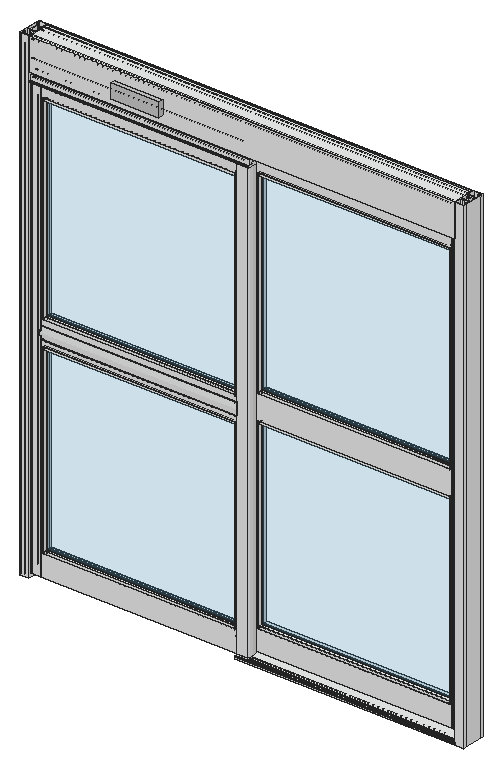
Revit family "2-6-4_Sliding-Door_TX9300SL_Single-LH-Inside-Slide-SO-SX-w-Elec-Lock-Flush-Mnt-Exit-Panic-HDW_Tormax", category Doors, host Wall, Revit 2026 (continued)
Definition of nested family "Door-Sliding-Tormax-Panel-Exit_Panic-SO"
  Forms (in)
    Sweep 1, solid, material <- "Door Frame"
      path origin (0, 0, 0) x (1, 0, 0) y (0, 0, 1)
        loop
          line (-18.59375, 0) -> (18.59375, 0)
      profile origin (0, 0, 0) x (0, 0, 1) y (0, -1, 0)
        loop
          line (44.25, -0.875) -> (44.25, -0.70777) -> (44.1405, -0.77099) -> (44.094, -0.77099) -> (44.094, 0.77099) -> (44.1405, 0.77099) -> (44.25, 0.70777) -> (44.25, 0.875) -> (39.75, 0.875) -> (39.75, 0.70777) -> (39.8595, 0.77099) -> (39.906, 0.77099) -> (39.906, -0.77099) -> (39.8595, -0.77099) -> (39.75, -0.70777) -> (39.75, -0.875) -> (44.25, -0.875)
        loop
          line (84.875, 0.8749) -> (81.875, 0.8749) -> (81.875, 0.70921) -> (81.98143, 0.77066) -> (82.0294, 0.77066) -> (82.0294, -0.77066) -> (81.98143, -0.77066) -> (81.875, -0.70921) -> (81.875, -0.8749) -> (84.875, -0.8749) -> (84.875, -0.74999) -> (83.37444, -0.74999) -> (83.37444, 0.74911) -> (84.875, 0.74911) -> (84.875, 0.8749)
        loop
          line (82.15555, -0.71919) -> (82.46471, -0.71919) -> (82.46471, -0.75305) -> (82.79125, -0.75305) -> (82.79125, -0.71919) -> (83.10534, -0.71919) -> (83.10534, -0.37628) -> (83.24927, -0.37628) -> (83.24927, 0.37504) -> (83.10534, 0.37504) -> (83.10534, 0.71919) -> (82.79125, 0.71919) -> (82.79125, 0.75305) -> (82.46471, 0.75305) -> (82.46471, 0.71919) -> (82.15555, 0.71919) -> (82.15555, -0.71919)
        loop
          line (43.994, 0.775) -> (40.006, 0.775) -> (40.006, -0.775) -> (43.994, -0.775) -> (43.994, 0.775)
        loop
          line (0.5, -0.74911) -> (0.5, -0.8749) -> (4.5, -0.8749) -> (4.5, -0.70921) -> (4.39357, -0.77066) -> (4.3456, -0.77066) -> (4.3456, 0.77066) -> (4.39357, 0.77066) -> (4.5, 0.70921) -> (4.5, 0.8749) -> (0.5, 0.8749) -> (0.5, 0.765) -> (1.27001, 0.765) -> (1.27001, 0.52601) -> (0.698, 0.52601) -> (0.698, 0.42601) -> (1.30646, 0.42601) -> (1.59455, 0.74999) -> (2.06202, 0.74999) -> (2.06202, -0.74911) -> (0.5, -0.74911)
        loop
          line (4.21945, 0.71919) -> (3.96497, 0.71919) -> (3.96497, 0.75001) -> (3.52125, 0.75001) -> (3.52125, 0.71919) -> (3.26904, 0.71919) -> (3.26904, 0.59401) -> (3.13704, 0.59401) -> (3.13704, 0.71919) -> (2.88556, 0.71919) -> (2.88556, 0.75001) -> (2.44184, 0.75001) -> (2.44184, 0.71919) -> (2.18703, 0.71919) -> (2.18703, -0.71919) -> (2.44184, -0.71919) -> (2.44184, -0.75001) -> (2.88556, -0.75001) -> (2.88556, -0.71919) -> (3.13704, -0.71919) -> (3.13704, -0.59401) -> (3.26904, -0.59401) -> (3.26904, -0.71919) -> (3.52125, -0.71919) -> (3.52125, -0.75001) -> (3.96497, -0.75001) -> (3.96497, -0.71919) -> (4.21945, -0.71919) -> (4.21945, 0.71919)
    Sweep 2, solid, material <- "Door Frame"
      path origin (0, 0, 0) x (1, 0, 0) y (0, 0, 1)
        loop
          line (0, 4.5) -> (0, 39.75)
      profile origin (0, 0, 22.125) x (-1, 0, 0) y (0, -1, 0)
        loop
          line (-18.59375, -0.87481) -> (-18.09395, -0.87481) -> (-18.09395, -0.20955) -> (-18.05909, -0.20955) -> (-17.99796, -0.09459) -> (-18.01995, -0.07259) -> (-18.09186, -0.12483) -> (-18.30168, -0.12483) -> (-18.30168, -0.20955) -> (-18.4693, -0.20955) -> (-18.4693, -0.13997) -> (-18.55595, -0.13997) -> (-18.55595, 0.13997) -> (-18.4693, 0.13997) -> (-18.4693, 0.20955) -> (-18.30168, 0.20955) -> (-18.30168, 0.12483) -> (-18.09186, 0.12483) -> (-18.01995, 0.07259) -> (-17.99796, 0.09459) -> (-18.05909, 0.20955) -> (-18.09395, 0.20955) -> (-18.09395, 0.87481) -> (-18.59375, 0.87481) -> (-18.59375, 0.66561) -> (-18.69347, 0.66561) -> (-18.69347, 0.76483) -> (-18.74347, 0.76483) -> (-18.74347, 0.6157) -> (-18.63748, 0.6157) -> (-18.51344, 0.49166) -> (-18.51344, 0.32983)
          arc (-18.51344, 0.32983) -> (-18.57886, 0.30274) -> (-18.60595, 0.23732) r 0.09251
          line (-18.60595, 0.23732) -> (-18.60595, 0.1901) -> (-18.74975, 0.1901) -> (-18.74975, 0.13997) -> (-18.60595, 0.13997) -> (-18.60595, -0.13997) -> (-18.74975, -0.13997) -> (-18.74975, -0.1901) -> (-18.61896, -0.1901) -> (-18.61896, -0.25955) -> (-18.40109, -0.25955) -> (-18.40109, -0.4032) -> (-18.14361, -0.4032) -> (-18.14361, -0.8251) -> (-18.54358, -0.8251) -> (-18.54358, -0.65698) -> (-18.65806, -0.65698) -> (-18.65806, -0.70698) -> (-18.59375, -0.70698) -> (-18.59375, -0.87481)
        loop
          line (-18.49369, 0.8251) -> (-18.49369, 0.74143) -> (-18.55985, 0.74143) -> (-18.55985, 0.67847) -> (-18.46344, 0.58206) -> (-18.46344, 0.25099) -> (-18.40109, 0.25099) -> (-18.40109, 0.4032) -> (-18.14361, 0.4032) -> (-18.14361, 0.8251) -> (-18.49369, 0.8251)
        loop
          line (18.59375, -0.87481) -> (18.59375, -0.70698) -> (18.65806, -0.70698) -> (18.65806, -0.65698) -> (18.54358, -0.65698) -> (18.54358, -0.8251) -> (18.14361, -0.8251) -> (18.14361, -0.4032) -> (18.40109, -0.4032) -> (18.40109, -0.25955) -> (18.61896, -0.25955) -> (18.61896, -0.1901) -> (18.74975, -0.1901) -> (18.74975, -0.13997) -> (18.60595, -0.13997) -> (18.60595, 0.13997) -> (18.74975, 0.13997) -> (18.74975, 0.1901) -> (18.60595, 0.1901) -> (18.60595, 0.23732)
          arc (18.60595, 0.23732) -> (18.57886, 0.30274) -> (18.51344, 0.32983) r 0.09251
          line (18.51344, 0.32983) -> (18.51344, 0.49166) -> (18.63748, 0.6157) -> (18.74347, 0.6157) -> (18.74347, 0.76483) -> (18.69347, 0.76483) -> (18.69347, 0.66561) -> (18.59375, 0.66561) -> (18.59375, 0.87481) -> (18.09395, 0.87481) -> (18.09395, 0.20955) -> (18.05909, 0.20955) -> (17.99796, 0.09459) -> (18.01995, 0.07259) -> (18.09186, 0.12483) -> (18.30168, 0.12483) -> (18.30168, 0.20955) -> (18.4693, 0.20955) -> (18.4693, 0.13997) -> (18.55595, 0.13997) -> (18.55595, -0.13997) -> (18.4693, -0.13997) -> (18.4693, -0.20955) -> (18.30168, -0.20955) -> (18.30168, -0.12483) -> (18.09186, -0.12483) -> (18.01995, -0.07259) -> (17.99796, -0.09459) -> (18.05909, -0.20955) -> (18.09395, -0.20955) -> (18.09395, -0.87481) -> (18.59375, -0.87481)
        loop
          line (18.49369, 0.8251) -> (18.14361, 0.8251) -> (18.14361, 0.4032) -> (18.40109, 0.4032) -> (18.40109, 0.25099) -> (18.46344, 0.25099) -> (18.46344, 0.58206) -> (18.55985, 0.67847) -> (18.55985, 0.74143) -> (18.49369, 0.74143) -> (18.49369, 0.8251)
    Extrusion 3, solid, material <- "Glass"
      sketch origin (0, 0, 0) x (1, 0, 0) y (0, 1, 0)
        loop
          line (-18.30168, 0.12483) -> (-18.30168, -0.12517) -> (18.30168, -0.12517) -> (18.30168, 0.12483) -> (-18.30168, 0.12483)
      from 4.60457 to 39.45793
    Sweep 4, solid, material <- "Door Frame"
      path origin (0, 0, 0) x (1, 0, 0) y (0, 0, 1)
        loop
          line (0, 44.25) -> (0, 81.875)
      profile origin (0, 0, 63.0625) x (-1, 0, 0) y (0, -1, 0)
        loop
          line (-18.59375, -0.87481) -> (-18.09395, -0.87481) -> (-18.09395, -0.20955) -> (-18.05909, -0.20955) -> (-17.99796, -0.09459) -> (-18.01995, -0.07259) -> (-18.09186, -0.12483) -> (-18.30168, -0.12483) -> (-18.30168, -0.20955) -> (-18.4693, -0.20955) -> (-18.4693, -0.13997) -> (-18.55595, -0.13997) -> (-18.55595, 0.13997) -> (-18.4693, 0.13997) -> (-18.4693, 0.20955) -> (-18.30168, 0.20955) -> (-18.30168, 0.12483) -> (-18.09186, 0.12483) -> (-18.01995, 0.07259) -> (-17.99796, 0.09459) -> (-18.05909, 0.20955) -> (-18.09395, 0.20955) -> (-18.09395, 0.87481) -> (-18.59375, 0.87481) -> (-18.59375, 0.66561) -> (-18.69347, 0.66561) -> (-18.69347, 0.76483) -> (-18.74347, 0.76483) -> (-18.74347, 0.6157) -> (-18.63748, 0.6157) -> (-18.51344, 0.49166) -> (-18.51344, 0.32983)
          arc (-18.51344, 0.32983) -> (-18.57886, 0.30274) -> (-18.60595, 0.23732) r 0.09251
          line (-18.60595, 0.23732) -> (-18.60595, 0.1901) -> (-18.74975, 0.1901) -> (-18.74975, 0.13997) -> (-18.60595, 0.13997) -> (-18.60595, -0.13997) -> (-18.74975, -0.13997) -> (-18.74975, -0.1901) -> (-18.61896, -0.1901) -> (-18.61896, -0.25955) -> (-18.40109, -0.25955) -> (-18.40109, -0.4032) -> (-18.14361, -0.4032) -> (-18.14361, -0.8251) -> (-18.54358, -0.8251) -> (-18.54358, -0.65698) -> (-18.65806, -0.65698) -> (-18.65806, -0.70698) -> (-18.59375, -0.70698) -> (-18.59375, -0.87481)
        loop
          line (-18.49369, 0.8251) -> (-18.49369, 0.74143) -> (-18.55985, 0.74143) -> (-18.55985, 0.67847) -> (-18.46344, 0.58206) -> (-18.46344, 0.25099) -> (-18.40109, 0.25099) -> (-18.40109, 0.4032) -> (-18.14361, 0.4032) -> (-18.14361, 0.8251) -> (-18.49369, 0.8251)
        loop
          line (18.59375, -0.87481) -> (18.59375, -0.70698) -> (18.65806, -0.70698) -> (18.65806, -0.65698) -> (18.54358, -0.65698) -> (18.54358, -0.8251) -> (18.14361, -0.8251) -> (18.14361, -0.4032) -> (18.40109, -0.4032) -> (18.40109, -0.25955) -> (18.61896, -0.25955) -> (18.61896, -0.1901) -> (18.74975, -0.1901) -> (18.74975, -0.13997) -> (18.60595, -0.13997) -> (18.60595, 0.13997) -> (18.74975, 0.13997) -> (18.74975, 0.1901) -> (18.60595, 0.1901) -> (18.60595, 0.23732)
          arc (18.60595, 0.23732) -> (18.57886, 0.30274) -> (18.51344, 0.32983) r 0.09251
          line (18.51344, 0.32983) -> (18.51344, 0.49166) -> (18.63748, 0.6157) -> (18.74347, 0.6157) -> (18.74347, 0.76483) -> (18.69347, 0.76483) -> (18.69347, 0.66561) -> (18.59375, 0.66561) -> (18.59375, 0.87481) -> (18.09395, 0.87481) -> (18.09395, 0.20955) -> (18.05909, 0.20955) -> (17.99796, 0.09459) -> (18.01995, 0.07259) -> (18.09186, 0.12483) -> (18.30168, 0.12483) -> (18.30168, 0.20955) -> (18.4693, 0.20955) -> (18.4693, 0.13997) -> (18.55595, 0.13997) -> (18.55595, -0.13997) -> (18.4693, -0.13997) -> (18.4693, -0.20955) -> (18.30168, -0.20955) -> (18.30168, -0.12483) -> (18.09186, -0.12483) -> (18.01995, -0.07259) -> (17.99796, -0.09459) -> (18.05909, -0.20955) -> (18.09395, -0.20955) -> (18.09395, -0.87481) -> (18.59375, -0.87481)
        loop
          line (18.49369, 0.8251) -> (18.14361, 0.8251) -> (18.14361, 0.4032) -> (18.40109, 0.4032) -> (18.40109, 0.25099) -> (18.46344, 0.25099) -> (18.46344, 0.58206) -> (18.55985, 0.67847) -> (18.55985, 0.74143) -> (18.49369, 0.74143) -> (18.49369, 0.8251)
    Extrusion 5, solid, material <- "Glass"
      sketch origin (0, 0, 0) x (1, 0, 0) y (0, 1, 0)
        loop
          line (-18.30168, 0.12483) -> (-18.30168, -0.12517) -> (18.30168, -0.12517) -> (18.30168, 0.12483) -> (-18.30168, 0.12483)
      from 44.54207 to 81.58293
    Sweep 6, solid, material <- "Door Frame"
      path origin (0, 0, 0) x (-1, 0, 0) y (0, 0, -1)
        loop
          line (20.71875, -0.5) -> (20.71875, -84.875)
      profile origin (-20.71875, 0, 42.6875) x (-1, 0, 0) y (0, -1, 0)
        loop
          line (-2.125, -0.91) -> (-0.14318, -0.91)
          arc (-0.14318, -0.91) -> (-0.12494, -0.85139) -> (-0.10791, -0.79242) r 2.96345
          line (-0.10791, -0.79242) -> (-0.18054, -0.77528) -> (-0.20187, -0.86561) -> (-0.27778, -0.84769) -> (-0.18449, -0.45255) -> (-0.10857, -0.47048) -> (-0.13043, -0.56306) -> (-0.05685, -0.57768)
          arc (-0.05685, -0.57768) -> (0, 0) -> (-0.05685, 0.57768) r 2.96345
          line (-0.05685, 0.57768) -> (-0.13043, 0.56306) -> (-0.10857, 0.47048) -> (-0.18449, 0.45255) -> (-0.27778, 0.84769) -> (-0.20187, 0.86561) -> (-0.18054, 0.77528) -> (-0.10791, 0.79242)
          arc (-0.10791, 0.79242) -> (-0.12494, 0.85139) -> (-0.14318, 0.91) r 2.96345
          line (-0.14318, 0.91) -> (-2.125, 0.91) -> (-2.125, 0.70869) -> (-2.02775, 0.76483) -> (-1.969, 0.76483) -> (-1.969, -0.76483) -> (-2.02717, -0.76483) -> (-2.125, -0.70835) -> (-2.125, -0.91)
        loop
          line (-1.844, -0.76483) -> (-0.3371, -0.76483)
          arc (-0.3371, -0.76483) -> (-0.28836, -0.57905) -> (-0.25321, -0.39023) r 2.65
          line (-0.25321, -0.39023) -> (-0.15, -0.36257) -> (-0.15, -0.1825) -> (-0.25, -0.1825) -> (-0.25, 0.1825) -> (-0.15, 0.1825) -> (-0.15, 0.36257) -> (-0.25321, 0.39023)
          arc (-0.25321, 0.39023) -> (-0.2884, 0.57922) -> (-0.3372, 0.76517) r 2.65
          line (-0.3372, 0.76517) -> (-1.844, 0.76517) -> (-1.844, -0.76483)
    Sweep 7, solid, material <- "Door Frame"
      path origin (0, 0, 0) x (-1, 0, 0) y (0, 0, -1)
        loop
          line (-20.71875, -0.5) -> (-20.71875, -84.875)
      profile origin (20.71875, 0, 42.6875) x (-1, 0, 0) y (0, -1, 0)
        loop
          line (0.25, -0.187) -> (0.13109, -0.187)
          arc (0.13109, -0.187) -> (0.1651, -0.47849) -> (0.22865, -0.765) r 2.875
          line (0.22865, -0.765) -> (1.844, -0.765) -> (1.844, 0.765) -> (0.22865, 0.765)
          arc (0.22865, 0.765) -> (0.1651, 0.47849) -> (0.13109, 0.187) r 2.875
          line (0.13109, 0.187) -> (0.25, 0.187) -> (0.25, -0.187)
        loop
          line (0.14135, -0.91) -> (2.125, -0.91) -> (2.125, -0.70839) -> (2.00861, -0.77559) -> (1.969, -0.77559) -> (1.969, 0.77559) -> (2.00861, 0.77559) -> (2.125, 0.70839) -> (2.125, 0.91) -> (0.14135, 0.91)
          arc (0.14135, 0.91) -> (0, 0) -> (0.14135, -0.91) r 3
    Sweep 8, solid, material <- "Door Frame"
      path origin (0, 0, 0) x (1, 0, 0) y (0, 0, -1)
        loop
          line (-18.09395, -42) -> (18.09395, -42)
      profile origin (0, 0, 42) x (0, 0, -1) y (0, 1, 0)
        loop
          line (37.5, 0.87481) -> (37.0002, 0.87481) -> (37.0002, 0.20955) -> (36.96534, 0.20955) -> (36.90421, 0.09459) -> (36.9262, 0.07259) -> (36.99811, 0.12483) -> (37.20793, 0.12483) -> (37.20793, 0.20955) -> (37.37555, 0.20955) -> (37.37555, 0.13997) -> (37.4622, 0.13997) -> (37.4622, -0.13997) -> (37.37555, -0.13997) -> (37.37555, -0.20955) -> (37.20793, -0.20955) -> (37.20793, -0.12483) -> (36.99811, -0.12483) -> (36.9262, -0.07259) -> (36.90421, -0.09459) -> (36.96534, -0.20955) -> (37.0002, -0.20955) -> (37.0002, -0.87481) -> (37.5, -0.87481) -> (37.5, -0.66561) -> (37.59972, -0.66561) -> (37.59972, -0.76483) -> (37.64972, -0.76483) -> (37.64972, -0.6157) -> (37.54373, -0.6157) -> (37.41969, -0.49166) -> (37.41969, -0.32983)
          arc (37.41969, -0.32983) -> (37.48511, -0.30274) -> (37.5122, -0.23732) r 0.09251
          line (37.5122, -0.23732) -> (37.5122, -0.1901) -> (37.656, -0.1901) -> (37.656, -0.13997) -> (37.5122, -0.13997) -> (37.5122, 0.13997) -> (37.656, 0.13997) -> (37.656, 0.1901) -> (37.52521, 0.1901) -> (37.52521, 0.25955) -> (37.30734, 0.25955) -> (37.30734, 0.4032) -> (37.04986, 0.4032) -> (37.04986, 0.8251) -> (37.44983, 0.8251) -> (37.44983, 0.65698) -> (37.56431, 0.65698) -> (37.56431, 0.70698) -> (37.5, 0.70698) -> (37.5, 0.87481)
        loop
          line (37.39994, -0.8251) -> (37.39994, -0.74143) -> (37.4661, -0.74143) -> (37.4661, -0.67847) -> (37.36969, -0.58206) -> (37.36969, -0.25099) -> (37.30734, -0.25099) -> (37.30734, -0.4032) -> (37.04986, -0.4032) -> (37.04986, -0.8251) -> (37.39994, -0.8251)
        loop
          line (2.25, 0.87481) -> (2.25, 0.70698) -> (2.18569, 0.70698) -> (2.18569, 0.65698) -> (2.30017, 0.65698) -> (2.30017, 0.8251) -> (2.70014, 0.8251) -> (2.70014, 0.4032) -> (2.44266, 0.4032) -> (2.44266, 0.25955) -> (2.22479, 0.25955) -> (2.22479, 0.1901) -> (2.094, 0.1901) -> (2.094, 0.13997) -> (2.2378, 0.13997) -> (2.2378, -0.13997) -> (2.094, -0.13997) -> (2.094, -0.1901) -> (2.2378, -0.1901) -> (2.2378, -0.23732)
          arc (2.2378, -0.23732) -> (2.26489, -0.30274) -> (2.33031, -0.32983) r 0.09251
          line (2.33031, -0.32983) -> (2.33031, -0.49166) -> (2.20627, -0.6157) -> (2.10028, -0.6157) -> (2.10028, -0.76483) -> (2.15028, -0.76483) -> (2.15028, -0.66561) -> (2.25, -0.66561) -> (2.25, -0.87481) -> (2.7498, -0.87481) -> (2.7498, -0.20955) -> (2.78466, -0.20955) -> (2.84579, -0.09459) -> (2.8238, -0.07259) -> (2.75189, -0.12483) -> (2.54207, -0.12483) -> (2.54207, -0.20955) -> (2.37445, -0.20955) -> (2.37445, -0.13997) -> (2.2878, -0.13997) -> (2.2878, 0.13997) -> (2.37445, 0.13997) -> (2.37445, 0.20955) -> (2.54207, 0.20955) -> (2.54207, 0.12483) -> (2.75189, 0.12483) -> (2.8238, 0.07259) -> (2.84579, 0.09459) -> (2.78466, 0.20955) -> (2.7498, 0.20955) -> (2.7498, 0.87481) -> (2.25, 0.87481)
        loop
          line (2.35006, -0.8251) -> (2.70014, -0.8251) -> (2.70014, -0.4032) -> (2.44266, -0.4032) -> (2.44266, -0.25099) -> (2.38031, -0.25099) -> (2.38031, -0.58206) -> (2.2839, -0.67847) -> (2.2839, -0.74143) -> (2.35006, -0.74143) -> (2.35006, -0.8251)
        loop
          line (-2.25, 0.87481) -> (-2.7498, 0.87481) -> (-2.7498, 0.20955) -> (-2.78466, 0.20955) -> (-2.84579, 0.09459) -> (-2.8238, 0.07259) -> (-2.75189, 0.12483) -> (-2.54207, 0.12483) -> (-2.54207, 0.20955) -> (-2.37445, 0.20955) -> (-2.37445, 0.13997) -> (-2.2878, 0.13997) -> (-2.2878, -0.13997) -> (-2.37445, -0.13997) -> (-2.37445, -0.20955) -> (-2.54207, -0.20955) -> (-2.54207, -0.12483) -> (-2.75189, -0.12483) -> (-2.8238, -0.07259) -> (-2.84579, -0.09459) -> (-2.78466, -0.20955) -> (-2.7498, -0.20955) -> (-2.7498, -0.87481) -> (-2.25, -0.87481) -> (-2.25, -0.66561) -> (-2.15028, -0.66561) -> (-2.15028, -0.76483) -> (-2.10028, -0.76483) -> (-2.10028, -0.6157) -> (-2.20627, -0.6157) -> (-2.33031, -0.49166) -> (-2.33031, -0.32983)
          arc (-2.33031, -0.32983) -> (-2.26489, -0.30274) -> (-2.2378, -0.23732) r 0.09251
          line (-2.2378, -0.23732) -> (-2.2378, -0.1901) -> (-2.094, -0.1901) -> (-2.094, -0.13997) -> (-2.2378, -0.13997) -> (-2.2378, 0.13997) -> (-2.094, 0.13997) -> (-2.094, 0.1901) -> (-2.22479, 0.1901) -> (-2.22479, 0.25955) -> (-2.44266, 0.25955) -> (-2.44266, 0.4032) -> (-2.70014, 0.4032) -> (-2.70014, 0.8251) -> (-2.30017, 0.8251) -> (-2.30017, 0.65698) -> (-2.18569, 0.65698) -> (-2.18569, 0.70698) -> (-2.25, 0.70698) -> (-2.25, 0.87481)
        loop
          line (-2.35006, -0.8251) -> (-2.35006, -0.74143) -> (-2.2839, -0.74143) -> (-2.2839, -0.67847) -> (-2.38031, -0.58206) -> (-2.38031, -0.25099) -> (-2.44266, -0.25099) -> (-2.44266, -0.4032) -> (-2.70014, -0.4032) -> (-2.70014, -0.8251) -> (-2.35006, -0.8251)
        loop
          line (-39.875, 0.87481) -> (-39.875, 0.70698) -> (-39.93931, 0.70698) -> (-39.93931, 0.65698) -> (-39.82483, 0.65698) -> (-39.82483, 0.8251) -> (-39.42486, 0.8251) -> (-39.42486, 0.4032) -> (-39.68234, 0.4032) -> (-39.68234, 0.25955) -> (-39.90021, 0.25955) -> (-39.90021, 0.1901) -> (-40.031, 0.1901) -> (-40.031, 0.13997) -> (-39.8872, 0.13997) -> (-39.8872, -0.13997) -> (-40.031, -0.13997) -> (-40.031, -0.1901) -> (-39.8872, -0.1901) -> (-39.8872, -0.23732)
          arc (-39.8872, -0.23732) -> (-39.86011, -0.30274) -> (-39.79469, -0.32983) r 0.09251
          line (-39.79469, -0.32983) -> (-39.79469, -0.49166) -> (-39.91873, -0.6157) -> (-40.02472, -0.6157) -> (-40.02472, -0.76483) -> (-39.97472, -0.76483) -> (-39.97472, -0.66561) -> (-39.875, -0.66561) -> (-39.875, -0.87481) -> (-39.3752, -0.87481) -> (-39.3752, -0.20955) -> (-39.34034, -0.20955) -> (-39.27921, -0.09459) -> (-39.3012, -0.07259) -> (-39.37311, -0.12483) -> (-39.58293, -0.12483) -> (-39.58293, -0.20955) -> (-39.75055, -0.20955) -> (-39.75055, -0.13997) -> (-39.8372, -0.13997) -> (-39.8372, 0.13997) -> (-39.75055, 0.13997) -> (-39.75055, 0.20955) -> (-39.58293, 0.20955) -> (-39.58293, 0.12483) -> (-39.37311, 0.12483) -> (-39.3012, 0.07259) -> (-39.27921, 0.09459) -> (-39.34034, 0.20955) -> (-39.3752, 0.20955) -> (-39.3752, 0.87481) -> (-39.875, 0.87481)
        loop
          line (-39.77494, -0.8251) -> (-39.42486, -0.8251) -> (-39.42486, -0.4032) -> (-39.68234, -0.4032) -> (-39.68234, -0.25099) -> (-39.74469, -0.25099) -> (-39.74469, -0.58206) -> (-39.8411, -0.67847) -> (-39.8411, -0.74143) -> (-39.77494, -0.74143) -> (-39.77494, -0.8251)
  Lines and regions (in)
    symbolic lines
      curve 1: arc (20.71875, 0.91, 0) -> (8.58199, 30.21074, 0) -> (-20.71875, 42.3475, 0) r 41.4375
      curve 2: line (-20.71875, 0.91, 0) -> (-20.71875, 42.3475, 0)
      curve 3: line (20.71875, 0, 0.5) -> (-20.71875, 0, 42)
      curve 4: line (-20.71875, 0, 42) -> (20.71875, 0, 84.875)
  Dimensions and locks (in)
    "Height": plane 4 to level
    equal spacing: plane 10, plane 3 "Center (Left/Right)", plane 11
    "Width": plane 10 to plane 11
    "Thickness": plane 9 "exterior" to plane 8
    equal spacing: plane 9 "exterior", plane 1 "Center (Front/Back)", plane 8
    locked: plane 10 to plane 12 at 2.125
    locked: plane 13 to plane 11 at 2.125
    plane 5 to level = 3' - 6"
    plane 14 to plane 5 to plane 15 = 0' - 2 1/4" locked, 0' - 2 1/4" locked
    locked: plane 4 to plane 17 at 0.125
    locked: plane 17 to plane 16 at 3
    locked: plane 18 to plane 19 at 4
    locked: Sweep 2 sketch curve to plane 13 at 0.4998  (x2)
    plane 12 to Sweep 2 sketch curve to Sweep 2 sketch curve = 0' - 0.4998" locked, 0' - 0" locked
    plane 7 to plane 1 "Center (Front/Back)" to plane 6 = 0' - 0.12517" locked, 0' - 0.12483" locked
    locked: Extrusion 3 sketch curve to plane 13 at 0.29207
    locked: plane 12 to Extrusion 3 sketch curve at 0.29207
    locked: Extrusion 3 to plane 15 at 0.29207
    locked: Extrusion 5 to plane 14 at 0.29207
    locked: Extrusion 5 to plane 16 at 0.29207
    locked: plane 12 to Sweep 4 sketch curve at 0.4998  (x2)
    Sweep 4 sketch curve to Sweep 4 sketch curve to plane 13 = 0' - 0" locked, 0' - 0.4998" locked
    locked: plane 19 to plane 2 at 0.5
    locked: Sweep 7 sketch curve to Sweep 7 sketch curve
    locked: plane 15 to Sweep 8 sketch curve at 0.4998
    locked: plane 14 to Sweep 8 sketch curve at 0.4998
    locked: plane 16 to Sweep 8 sketch curve at 0.4998
    locked: Sweep 8 sketch curve to plane 18 at 0.4998
    "Width": radius of curve 1
    aligned and locked: plane 2 to level
    aligned and locked: plane 12 to Sweep 1 sketch curve
    aligned and locked: plane 13 to Sweep 1 sketch curve
    aligned and locked: Sweep 1 sketch curve to plane 2
    aligned and locked: plane 14 to Sweep 1 sketch curve
    aligned and locked: Sweep 1 sketch curve to plane 14
    aligned and locked: plane 3 "Center (Left/Right)" to Sweep 2 sketch curve
    aligned and locked: plane 15 to Sweep 2 sketch curve
    aligned and locked: plane 18 to Sweep 2 sketch curve
    aligned and locked: Sweep 2 sketch curve to plane 13
    aligned and locked: plane 13 to Sweep 2 sketch curve
    aligned and locked: plane 12 to Sweep 2 sketch curve
    aligned and locked: Sweep 2 sketch curve to plane 12
    aligned and locked: plane 6 to Extrusion 3 sketch curve
    aligned and locked: plane 7 to Extrusion 3 sketch curve
    aligned and locked: plane 16 to Sweep 4 sketch curve
    aligned and locked: plane 14 to Sweep 4 sketch curve
    aligned and locked: plane 12 to Sweep 4 sketch curve
    aligned and locked: Sweep 4 sketch curve to plane 12
    aligned and locked: Sweep 4 sketch curve to plane 13
    aligned and locked: plane 13 to Sweep 4 sketch curve
    aligned and locked: Sweep 1 sketch curve to plane 15  (x2)
    aligned and locked: plane 16 to Sweep 1 sketch curve  (x2)
    aligned and locked: Sweep 1 sketch curve to plane 17  (x2)
    aligned and locked: plane 19 to Sweep 1 sketch curve  (x2)
    aligned and locked: Sweep 1 sketch curve to plane 18  (x2)
    aligned and locked: plane 10 to Sweep 6 sketch curve
    aligned and locked: plane 17 to Sweep 6 sketch curve
    aligned and locked: plane 19 to Sweep 6 sketch curve
    aligned and locked: plane 10 to curve 1
    aligned and locked: plane 9 "exterior" to curve 1
    aligned and locked: curve 2 to plane 10
    aligned and locked: plane 9 "exterior" to curve 2
    aligned and locked: plane 18 to Sweep 8 sketch curve
    aligned and locked: Sweep 8 sketch curve to plane 18
    aligned and locked: Sweep 8 sketch curve to Sweep 8 sketch curve
  Automatic sketch dimensions
    Sweep 2 sketch curve to Sweep 2 sketch curve = 0' - 0.0122"
    Sweep 2 sketch curve to plane 1 "Center (Front/Back)" = 0' - 0.13997"
    Sweep 2 sketch curve to Sweep 2 sketch curve = 0' - 0"  (x4)
    Sweep 2 sketch curve to Sweep 2 sketch curve = 0' - 0.01301"  (x2)
    plane 1 "Center (Front/Back)" to Sweep 2 sketch curve = 0' - 0.6157"
    Sweep 2 sketch curve to Sweep 2 sketch curve = 0' - 0.04373"  (x2)
    Sweep 2 sketch curve to Sweep 2 sketch curve = 0' - 0.06431"  (x2)
    Sweep 2 sketch curve to Sweep 2 sketch curve = 0' - 0.05599"
    Sweep 2 sketch curve to Sweep 2 sketch curve = 0' - 0.05"  (x8)
    Sweep 2 sketch curve to Sweep 2 sketch curve = 0' - 0.13079"  (x2)
    Sweep 2 sketch curve to Sweep 2 sketch curve = 0' - 0.1438"  (x2)
    Sweep 2 sketch curve to Sweep 2 sketch curve = 0' - 0.0339"  (x2)
    Sweep 2 sketch curve to Sweep 2 sketch curve = 0' - 0.05017"  (x2)
    plane 1 "Center (Front/Back)" to Sweep 2 sketch curve = 0' - 0.49166"
    Sweep 2 sketch curve to Sweep 2 sketch curve = 0' - 0.12404"  (x2)
    Sweep 2 sketch curve to Sweep 2 sketch curve = 0' - 0.06616"
    Sweep 2 sketch curve to Sweep 2 sketch curve = 0' - 0.08665"  (x3)
    Sweep 2 sketch curve to Sweep 2 sketch curve = 0' - 0.00586"  (x2)
    Sweep 2 sketch curve to Sweep 2 sketch curve = 0' - 0.0682"  (x2)
    Sweep 2 sketch curve to Sweep 2 sketch curve = 0' - 0.11234"
    Sweep 2 sketch curve to Sweep 2 sketch curve = 0' - 0.09942"  (x4)
    Sweep 2 sketch curve to Sweep 2 sketch curve = 0' - 0.04966"  (x4)
    Sweep 2 sketch curve to plane 1 "Center (Front/Back)" = 0' - 0.12483"
    Sweep 2 sketch curve to Sweep 2 sketch curve = 0' - 0.00209"  (x4)
    Sweep 2 sketch curve to Sweep 2 sketch curve = 0' - 0.03487"  (x4)
    plane 1 "Center (Front/Back)" to Sweep 2 sketch curve = 0' - 0.20955"  (x2)
    plane 1 "Center (Front/Back)" to Sweep 2 sketch curve = 0' - 0.07259"  (x2)
    Sweep 2 sketch curve to Sweep 2 sketch curve = 0' - 0.0719"  (x2)
    Sweep 2 sketch curve to plane 1 "Center (Front/Back)" = 0' - 0.07259"  (x2)
    Sweep 2 sketch curve to plane 1 "Center (Front/Back)" = 0' - 0.09459"  (x2)
    Sweep 2 sketch curve to Sweep 2 sketch curve = 0' - 0.02199"  (x4)
    plane 1 "Center (Front/Back)" to Sweep 2 sketch curve = 0' - 0.09459"  (x2)
    Sweep 2 sketch curve to Sweep 2 sketch curve = 0' - 0.09599"  (x2)
    Sweep 2 sketch curve to plane 1 "Center (Front/Back)" = 0' - 0.20955"
    plane 1 "Center (Front/Back)" to Sweep 2 sketch curve = 0' - 0.12483"
    Sweep 2 sketch curve to Sweep 2 sketch curve = 0' - 0.20772"  (x2)
    Sweep 2 sketch curve to Sweep 2 sketch curve = 0' - 0.06234"
    Sweep 2 sketch curve to Sweep 2 sketch curve = 0' - 0.10006"
    Sweep 2 sketch curve to Sweep 2 sketch curve = 0' - 0.09251"
    Sweep 2 sketch curve to Sweep 2 sketch curve = 0' - 0.13361"
    Sweep 2 sketch curve to plane 1 "Center (Front/Back)" = 0' - 0.25955"
    Sweep 2 sketch curve to Sweep 2 sketch curve = 0' - 0.11958"
    Sweep 2 sketch curve to Sweep 2 sketch curve = 0' - 0.14365"
    Sweep 2 sketch curve to Sweep 2 sketch curve = 0' - 0.19365"  (x3)
    Sweep 2 sketch curve to Sweep 2 sketch curve = 0' - 0.25378"  (x2)
    Sweep 2 sketch curve to Sweep 2 sketch curve = 0' - 0.4219"  (x2)
    Sweep 2 sketch curve to Sweep 2 sketch curve = 0' - 0.04971"  (x4)
    Sweep 2 sketch curve to Sweep 2 sketch curve = 0' - 0.08472"  (x5)
    Sweep 2 sketch curve to Sweep 2 sketch curve = 0' - 0.05012"  (x4)
    Sweep 2 sketch curve to Sweep 2 sketch curve = 0' - 0.06945"
    Sweep 2 sketch curve to Sweep 2 sketch curve = 0' - 0.06958"  (x2)
    plane 1 "Center (Front/Back)" to Sweep 2 sketch curve = 0' - 0.13997"  (x2)
    Sweep 2 sketch curve to Sweep 2 sketch curve = 0' - 0.04722"
    Sweep 2 sketch curve to Sweep 2 sketch curve = 0' - 0.02777"
    Sweep 2 sketch curve to Sweep 2 sketch curve = 0' - 0.04144"  (x2)
    Sweep 2 sketch curve to Sweep 2 sketch curve = 0' - 0.08847"
    Sweep 2 sketch curve to Sweep 2 sketch curve = 0' - 0.0904"  (x2)
    Sweep 2 sketch curve to Sweep 2 sketch curve = 0' - 0.04991"  (x2)
    Sweep 2 sketch curve to Sweep 2 sketch curve = 0' - 0.01286"  (x2)
    Sweep 2 sketch curve to Sweep 2 sketch curve = 0' - 0.06296"  (x2)
    Sweep 2 sketch curve to Sweep 2 sketch curve = 0' - 0.09922"  (x2)
    Sweep 2 sketch curve to Sweep 2 sketch curve = 0' - 0.08367"  (x2)
    Sweep 4 sketch curve to plane 3 "Center (Left/Right)" = 0' - 0"
    Sweep 4 sketch curve to Sweep 4 sketch curve = 0' - 0.0122"
    Sweep 4 sketch curve to plane 1 "Center (Front/Back)" = 0' - 0.13997"
    Sweep 4 sketch curve to Sweep 4 sketch curve = 0' - 0"  (x4)
    Sweep 4 sketch curve to Sweep 4 sketch curve = 0' - 0.01301"  (x2)
    plane 1 "Center (Front/Back)" to Sweep 4 sketch curve = 0' - 0.6157"
    Sweep 4 sketch curve to Sweep 4 sketch curve = 0' - 0.04373"  (x2)
    Sweep 4 sketch curve to Sweep 4 sketch curve = 0' - 0.06431"  (x2)
    Sweep 4 sketch curve to Sweep 4 sketch curve = 0' - 0.05599"
    Sweep 4 sketch curve to Sweep 4 sketch curve = 0' - 0.05"  (x8)
    Sweep 4 sketch curve to Sweep 4 sketch curve = 0' - 0.13079"  (x2)
    Sweep 4 sketch curve to Sweep 4 sketch curve = 0' - 0.1438"  (x2)
    Sweep 4 sketch curve to Sweep 4 sketch curve = 0' - 0.0339"  (x2)
    Sweep 4 sketch curve to Sweep 4 sketch curve = 0' - 0.05017"  (x2)
    plane 1 "Center (Front/Back)" to Sweep 4 sketch curve = 0' - 0.49166"
    Sweep 4 sketch curve to Sweep 4 sketch curve = 0' - 0.12404"  (x2)
    Sweep 4 sketch curve to Sweep 4 sketch curve = 0' - 0.06616"
    Sweep 4 sketch curve to Sweep 4 sketch curve = 0' - 0.08665"  (x3)
    Sweep 4 sketch curve to Sweep 4 sketch curve = 0' - 0.00586"  (x2)
    Sweep 4 sketch curve to Sweep 4 sketch curve = 0' - 0.0682"  (x2)
    Sweep 4 sketch curve to Sweep 4 sketch curve = 0' - 0.11234"
    Sweep 4 sketch curve to Sweep 4 sketch curve = 0' - 0.09942"  (x4)
    Sweep 4 sketch curve to Sweep 4 sketch curve = 0' - 0.04966"  (x4)
    Sweep 4 sketch curve to plane 1 "Center (Front/Back)" = 0' - 0.12483"
    Sweep 4 sketch curve to Sweep 4 sketch curve = 0' - 0.00209"  (x4)
    Sweep 4 sketch curve to Sweep 4 sketch curve = 0' - 0.03487"  (x4)
    plane 1 "Center (Front/Back)" to Sweep 4 sketch curve = 0' - 0.20955"  (x2)
    plane 1 "Center (Front/Back)" to Sweep 4 sketch curve = 0' - 0.07259"  (x2)
    Sweep 4 sketch curve to Sweep 4 sketch curve = 0' - 0.0719"  (x2)
    Sweep 4 sketch curve to plane 1 "Center (Front/Back)" = 0' - 0.07259"  (x2)
    Sweep 4 sketch curve to plane 1 "Center (Front/Back)" = 0' - 0.09459"  (x2)
    Sweep 4 sketch curve to Sweep 4 sketch curve = 0' - 0.02199"  (x4)
    plane 1 "Center (Front/Back)" to Sweep 4 sketch curve = 0' - 0.09459"  (x2)
    Sweep 4 sketch curve to Sweep 4 sketch curve = 0' - 0.09599"  (x2)
    Sweep 4 sketch curve to plane 1 "Center (Front/Back)" = 0' - 0.20955"
    plane 1 "Center (Front/Back)" to Sweep 4 sketch curve = 0' - 0.12483"
    Sweep 4 sketch curve to Sweep 4 sketch curve = 0' - 0.20772"  (x2)
    Sweep 4 sketch curve to Sweep 4 sketch curve = 0' - 0.06234"
    Sweep 4 sketch curve to Sweep 4 sketch curve = 0' - 0.10006"
    Sweep 4 sketch curve to Sweep 4 sketch curve = 0' - 0.09251"
    Sweep 4 sketch curve to Sweep 4 sketch curve = 0' - 0.13361"
    Sweep 4 sketch curve to plane 1 "Center (Front/Back)" = 0' - 0.25955"
    Sweep 4 sketch curve to Sweep 4 sketch curve = 0' - 0.11958"
    Sweep 4 sketch curve to Sweep 4 sketch curve = 0' - 0.14365"
    Sweep 4 sketch curve to Sweep 4 sketch curve = 0' - 0.19365"  (x3)
    Sweep 4 sketch curve to Sweep 4 sketch curve = 0' - 0.25378"  (x2)
    Sweep 4 sketch curve to Sweep 4 sketch curve = 0' - 0.4219"  (x2)
    Sweep 4 sketch curve to Sweep 4 sketch curve = 0' - 0.04971"  (x4)
    Sweep 4 sketch curve to Sweep 4 sketch curve = 0' - 0.08472"  (x5)
    Sweep 4 sketch curve to Sweep 4 sketch curve = 0' - 0.05012"  (x4)
    Sweep 4 sketch curve to Sweep 4 sketch curve = 0' - 0.06945"
    Sweep 4 sketch curve to Sweep 4 sketch curve = 0' - 0.06958"  (x2)
    plane 1 "Center (Front/Back)" to Sweep 4 sketch curve = 0' - 0.13997"  (x2)
    Sweep 4 sketch curve to Sweep 4 sketch curve = 0' - 0.04722"
    Sweep 4 sketch curve to Sweep 4 sketch curve = 0' - 0.02777"
    Sweep 4 sketch curve to Sweep 4 sketch curve = 0' - 0.04144"  (x2)
    Sweep 4 sketch curve to Sweep 4 sketch curve = 0' - 0.08847"
    Sweep 4 sketch curve to Sweep 4 sketch curve = 0' - 0.0904"  (x2)
    Sweep 4 sketch curve to Sweep 4 sketch curve = 0' - 0.04991"  (x2)
    Sweep 4 sketch curve to Sweep 4 sketch curve = 0' - 0.01286"  (x2)
    Sweep 4 sketch curve to Sweep 4 sketch curve = 0' - 0.06296"  (x2)
    Sweep 4 sketch curve to Sweep 4 sketch curve = 0' - 0.09922"  (x2)
    Sweep 4 sketch curve to Sweep 4 sketch curve = 0' - 0.08367"  (x2)
    Extrusion 5 sketch curve to plane 7 = 0' - 0"
    plane 6 to Extrusion 5 sketch curve = 0' - 0"
    plane 12 to Extrusion 5 sketch curve = 0' - 0.29207"
    plane 13 to Extrusion 5 sketch curve = 0' - 0.29207"
    Sweep 6 sketch curve to Sweep 6 sketch curve = 0' - 0"  (x9)
    plane 1 "Center (Front/Back)" to Sweep 6 sketch curve = 0' - 0"  (x2)
    profile plane to Sweep 6 sketch curve = 0' - 2.96345"
    Sweep 6 sketch curve to Sweep 6 sketch curve = 0' - 0.08913"
    Sweep 6 sketch curve to Sweep 6 sketch curve = 0' - 0.74933"  (x2)
    plane 1 "Center (Front/Back)" to Sweep 6 sketch curve = 0' - 0.70869"
    plane 1 "Center (Front/Back)" to Sweep 6 sketch curve = 0' - 0.76483"
    Sweep 6 sketch curve to Sweep 6 sketch curve = 0' - 0.09725"
    Sweep 6 sketch curve to plane 1 "Center (Front/Back)" = 0' - 0.76483"
    Sweep 6 sketch curve to Sweep 6 sketch curve = 0' - 0.09783"
    Sweep 6 sketch curve to Sweep 6 sketch curve = 0' - 0.05875"
    Sweep 6 sketch curve to Sweep 6 sketch curve = 0' - 0 1/8"
    profile plane to Sweep 6 sketch curve = 0' - 0.3372"
    profile plane to Sweep 6 sketch curve = 0' - 0.3371"
    Sweep 6 sketch curve to Sweep 6 sketch curve = 0' - 0.05932"
    Sweep 6 sketch curve to Sweep 6 sketch curve = 0' - 0.05942"
    profile plane to Sweep 6 sketch curve = 0' - 0.25321"  (x2)
    Sweep 6 sketch curve to Sweep 6 sketch curve = 0' - 0.00321"
    Sweep 6 sketch curve to Sweep 6 sketch curve = 0' - 0.07591"  (x4)
    Sweep 6 sketch curve to Sweep 6 sketch curve = 0' - 0.06873"  (x2)
    Sweep 6 sketch curve to Sweep 6 sketch curve = 0' - 0.02133"  (x2)
    Sweep 6 sketch curve to Sweep 6 sketch curve = 0' - 0.1"
    Sweep 6 sketch curve to Sweep 6 sketch curve = 0' - 0.03448"
    Sweep 6 sketch curve to Sweep 6 sketch curve = 0' - 0.05869"  (x2)
    Sweep 6 sketch curve to Sweep 6 sketch curve = 0' - 0.05405"  (x2)
    Sweep 6 sketch curve to Sweep 6 sketch curve = 0' - 0.07263"  (x2)
    profile plane to Sweep 6 sketch curve = 0' - 0.05685"  (x2)
    Sweep 6 sketch curve to Sweep 6 sketch curve = 0' - 0.01044"
    Sweep 6 sketch curve to Sweep 6 sketch curve = 0' - 0.01715"
    Sweep 6 sketch curve to Sweep 6 sketch curve = 0' - 0.05648"
    Sweep 6 sketch curve to Sweep 6 sketch curve = 0' - 0.01462"
    Sweep 6 sketch curve to Sweep 6 sketch curve = 0' - 0.08998"
    Sweep 6 sketch curve to plane 1 "Center (Front/Back)" = 0' - 0.1825"
    plane 1 "Center (Front/Back)" to Sweep 6 sketch curve = 0' - 0.1825"
    Sweep 6 sketch curve to Sweep 6 sketch curve = 0' - 0.18007"
    Sweep 6 sketch curve to Sweep 6 sketch curve = 0' - 0.02766"
    Sweep 6 sketch curve to Sweep 6 sketch curve = 0' - 0.06233"
    Sweep 6 sketch curve to Sweep 6 sketch curve = 0' - 0.01792"
    Sweep 7 sketch curve to plane 11 = 0' - 0"
    Sweep 7 sketch curve to plane 17 = 0' - 0"
    Sweep 7 sketch curve to plane 19 = 0' - 0"
    Sweep 7 sketch curve to Sweep 7 sketch curve = 0' - 0"  (x6)
    profile plane to Sweep 7 sketch curve = 0' - 0"
    Sweep 7 sketch curve to profile plane = 0' - 0.13109"  (x2)
    Sweep 7 sketch curve to profile plane = 0' - 0.14135"  (x2)
    Sweep 7 sketch curve to Sweep 7 sketch curve = 0' - 0.0873"  (x2)
    Sweep 7 sketch curve to Sweep 7 sketch curve = 0' - 0.11891"
    Sweep 7 sketch curve to Sweep 7 sketch curve = 0' - 1.61535"
    Sweep 7 sketch curve to Sweep 7 sketch curve = 0' - 0 1/8"
    profile plane to Sweep 7 sketch curve = 0' - 0.77559"
    Sweep 7 sketch curve to Sweep 7 sketch curve = 0' - 0.03961"  (x2)
    Sweep 7 sketch curve to Sweep 7 sketch curve = 0' - 0.11639"
    Sweep 7 sketch curve to Sweep 7 sketch curve = 0' - 0 7/8"
    Sweep 7 sketch curve to profile plane = 0' - 0.187"
    Sweep 7 sketch curve to Sweep 7 sketch curve = 0' - 0.05661"
    Sweep 7 sketch curve to Sweep 7 sketch curve = 0' - 0.0672"  (x2)
    Sweep 7 sketch curve to Sweep 7 sketch curve = 0' - 0.13441"
    profile plane to Sweep 7 sketch curve = 0' - 0.187"
    Sweep 8 sketch curve to plane 5 = 0' - 0"
    plane 12 to Sweep 8 sketch curve = 0' - 0.4998"
    plane 13 to Sweep 8 sketch curve = 0' - 0.4998"
    Sweep 1 sketch curve to Sweep 1 sketch curve = 0' - 0.198"
    Sweep 1 sketch curve to Sweep 1 sketch curve = 0' - 0.57201"
    Sweep 1 sketch curve to Sweep 1 sketch curve = 0' - 0.03645"
    Sweep 1 sketch curve to Sweep 1 sketch curve = 0' - 0.32454"
    Sweep 1 sketch curve to Sweep 1 sketch curve = 0' - 0.75556"
    Sweep 1 sketch curve to Sweep 1 sketch curve = 0' - 0 1/8"
    Sweep 1 sketch curve to Sweep 1 sketch curve = 0' - 0.25481"  (x2)
    Sweep 1 sketch curve to Sweep 1 sketch curve = 0' - 0.44372"  (x4)
    Sweep 1 sketch curve to Sweep 1 sketch curve = 0' - 0.25148"  (x2)
    Sweep 1 sketch curve to Sweep 1 sketch curve = 0' - 0.132"  (x2)
    Sweep 1 sketch curve to Sweep 1 sketch curve = 0' - 0.25221"  (x2)
    Sweep 1 sketch curve to Sweep 1 sketch curve = 0' - 0.25447"
    Sweep 1 sketch curve to Sweep 1 sketch curve = 0' - 0.12615"  (x2)
    Sweep 1 sketch curve to Sweep 1 sketch curve = 0' - 0.04797"  (x3)
    Sweep 1 sketch curve to plane 1 "Center (Front/Back)" = 0' - 0.77099"  (x2)
    Sweep 1 sketch curve to Sweep 1 sketch curve = 0' - 0.1095"  (x2)
    Sweep 1 sketch curve to Sweep 1 sketch curve = 0' - 0.0465"  (x3)
    Sweep 1 sketch curve to Sweep 1 sketch curve = 0' - 0.1"  (x3)
    Sweep 1 sketch curve to Sweep 1 sketch curve = 0' - 0.256"
    plane 1 "Center (Front/Back)" to Sweep 1 sketch curve = 0' - 0.77099"
    Sweep 1 sketch curve to plane 1 "Center (Front/Back)" = 0' - 0.77066"
    Sweep 1 sketch curve to Sweep 1 sketch curve = 0' - 0.10643"  (x2)
    Sweep 1 sketch curve to Sweep 1 sketch curve = 0' - 0.30916"  (x2)
    Sweep 1 sketch curve to Sweep 1 sketch curve = 0' - 0.32654"  (x2)
    Sweep 1 sketch curve to Sweep 1 sketch curve = 0' - 0.31409"  (x2)
    Sweep 1 sketch curve to Sweep 1 sketch curve = 0' - 0.14393"
    Sweep 1 sketch curve to Sweep 1 sketch curve = 0' - 0.2691"
    Sweep 1 sketch curve to Sweep 1 sketch curve = 0' - 0.00401"  (x2)
    Sweep 1 sketch curve to plane 1 "Center (Front/Back)" = 0' - 0.8749"  (x2)
    Sweep 1 sketch curve to Sweep 1 sketch curve = 0' - 0.10401"  (x2)
    Sweep 1 sketch curve to Sweep 1 sketch curve = 0' - 0.10425"
    Sweep 1 sketch curve to Sweep 1 sketch curve = 0' - 0.0176"
    Sweep 1 sketch curve to plane 1 "Center (Front/Back)" = 0' - 0 3/4"  (x2)
    Sweep 1 sketch curve to Sweep 1 sketch curve = 0' - 0.12491"
    Sweep 1 sketch curve to Sweep 1 sketch curve = 0' - 0.12579"  (x2)
    Sweep 1 sketch curve to Sweep 1 sketch curve = 0' - 0.05146"  (x2)
    Sweep 1 sketch curve to Sweep 1 sketch curve = 0' - 0.03082"  (x4)
    Sweep 1 sketch curve to Sweep 1 sketch curve = 0' - 0.02992"
    Sweep 1 sketch curve to Sweep 1 sketch curve = 0' - 0.0308"  (x2)
    Sweep 1 sketch curve to Sweep 1 sketch curve = 0' - 0.06145"  (x4)
    Sweep 1 sketch curve to Sweep 1 sketch curve = 0' - 0.06322"  (x4)
    Sweep 1 sketch curve to Sweep 1 sketch curve = 0' - 0.12518"  (x3)
    Sweep 1 sketch curve to Sweep 1 sketch curve = 0' - 0.34292"
    plane 1 "Center (Front/Back)" to Sweep 1 sketch curve = 0' - 0.37504"
    plane 1 "Center (Front/Back)" to Sweep 1 sketch curve = 0' - 0.42601"
    plane 1 "Center (Front/Back)" to Sweep 1 sketch curve = 0' - 0.59401"
    plane 1 "Center (Front/Back)" to Sweep 1 sketch curve = 0' - 0.70777"
    plane 1 "Center (Front/Back)" to Sweep 1 sketch curve = 0' - 0.70921"  (x2)
    Sweep 1 sketch curve to Sweep 1 sketch curve = 0' - 0.00998"  (x2)
    Sweep 1 sketch curve to Sweep 1 sketch curve = 0' - 0"  (x2)
    plane 1 "Center (Front/Back)" to Sweep 1 sketch curve = 0' - 0.74911"
    Sweep 1 sketch curve to Sweep 1 sketch curve = 0' - 0.03386"
    Sweep 1 sketch curve to Sweep 1 sketch curve = 0' - 0.23899"
    Sweep 1 sketch curve to Sweep 1 sketch curve = 0' - 0.1099"
    Sweep 8 sketch curve to Sweep 8 sketch curve = 0' - 0"  (x9)
    Sweep 8 sketch curve to Sweep 8 sketch curve = 0' - 0.04966"  (x8)
    Sweep 8 sketch curve to Sweep 8 sketch curve = 0' - 0.20772"  (x5)
    Sweep 8 sketch curve to Sweep 8 sketch curve = 0' - 0.09942"  (x8)
    Sweep 8 sketch curve to Sweep 8 sketch curve = 0' - 0.06234"  (x4)
    Sweep 8 sketch curve to Sweep 8 sketch curve = 0' - 0.0682"  (x4)
    Sweep 8 sketch curve to Sweep 8 sketch curve = 0' - 0.00586"  (x3)
    Sweep 8 sketch curve to Sweep 8 sketch curve = 0' - 0.03026"  (x2)
    Sweep 8 sketch curve to profile plane = 0' - 0.49166"
    Sweep 8 sketch curve to Sweep 8 sketch curve = 0' - 0.05"  (x21)
    Sweep 8 sketch curve to Sweep 8 sketch curve = 0' - 0.39997"  (x2)
    Sweep 8 sketch curve to Sweep 8 sketch curve = 0' - 0.08665"  (x5)
    Sweep 8 sketch curve to Sweep 8 sketch curve = 0' - 0.06616"  (x4)
    Sweep 8 sketch curve to Sweep 8 sketch curve = 0' - 0.05017"  (x4)
    Sweep 8 sketch curve to Sweep 8 sketch curve = 0' - 0.0339"  (x3)
    Sweep 8 sketch curve to Sweep 8 sketch curve = 0' - 0.01301"  (x3)
    Sweep 8 sketch curve to profile plane = 0' - 0.6157"  (x2)
    Sweep 8 sketch curve to Sweep 8 sketch curve = 0' - 0.04373"  (x4)
    Sweep 8 sketch curve to Sweep 8 sketch curve = 0' - 0.06431"  (x4)
    Sweep 8 sketch curve to Sweep 8 sketch curve = 0' - 0.13361"  (x2)
    Sweep 8 sketch curve to Sweep 8 sketch curve = 0' - 0.13079"  (x4)
    Sweep 8 sketch curve to Sweep 8 sketch curve = 0' - 0.1438"  (x4)
    profile plane to Sweep 8 sketch curve = 0' - 0.12483"  (x3)
    Sweep 8 sketch curve to Sweep 8 sketch curve = 0' - 0.00209"  (x7)
    Sweep 8 sketch curve to profile plane = 0' - 0.12483"  (x3)
    Sweep 8 sketch curve to Sweep 8 sketch curve = 0' - 0.03487"  (x8)
    profile plane to Sweep 8 sketch curve = 0' - 0.07259"  (x4)
    Sweep 8 sketch curve to Sweep 8 sketch curve = 0' - 0.0719"  (x5)
    Sweep 8 sketch curve to profile plane = 0' - 0.07259"  (x4)
    profile plane to Sweep 8 sketch curve = 0' - 0.09459"  (x4)
    Sweep 8 sketch curve to Sweep 8 sketch curve = 0' - 0.02199"  (x8)
    Sweep 8 sketch curve to profile plane = 0' - 0.09459"  (x4)
    Sweep 8 sketch curve to Sweep 8 sketch curve = 0' - 0.09599"  (x4)
    Sweep 8 sketch curve to Sweep 8 sketch curve = 0' - 0.06113"
    Sweep 8 sketch curve to profile plane = 0' - 0.67847"  (x2)
    Sweep 8 sketch curve to Sweep 8 sketch curve = 0' - 0.05599"  (x2)
    profile plane to Sweep 8 sketch curve = 0' - 0.13997"  (x5)
    Sweep 8 sketch curve to Sweep 8 sketch curve = 0' - 0.6558"
    Sweep 8 sketch curve to Sweep 8 sketch curve = 0' - 0.00628"
    Sweep 8 sketch curve to Sweep 8 sketch curve = 0' - 0.09169"
    Sweep 8 sketch curve to Sweep 8 sketch curve = 0' - 0.09251"
    Sweep 8 sketch curve to profile plane = 0' - 0.58206"
    Sweep 8 sketch curve to Sweep 8 sketch curve = 0' - 0.35009"
    Sweep 8 sketch curve to profile plane = 0' - 0.20955"
    profile plane to Sweep 8 sketch curve = 0' - 0.20955"  (x2)
    Sweep 8 sketch curve to Sweep 8 sketch curve = 0' - 0.20982"
    Sweep 8 sketch curve to Sweep 8 sketch curve = 0' - 0.10006"
    Sweep 8 sketch curve to Sweep 8 sketch curve = 0' - 0.06277"
    Sweep 8 sketch curve to Sweep 8 sketch curve = 0' - 0.12573"
    Sweep 8 sketch curve to Sweep 8 sketch curve = 0' - 0.06296"  (x4)
    Sweep 8 sketch curve to Sweep 8 sketch curve = 0' - 0.0234"  (x3)
    Sweep 8 sketch curve to Sweep 8 sketch curve = 0' - 0.14913"
    Sweep 8 sketch curve to Sweep 8 sketch curve = 0' - 0.08367"  (x4)
    Sweep 8 sketch curve to Sweep 8 sketch curve = 0' - 0.04971"  (x8)
    Sweep 8 sketch curve to Sweep 8 sketch curve = 0' - 0.09922"  (x2)
    Sweep 8 sketch curve to Sweep 8 sketch curve = 0' - 0.01286"  (x2)
    Sweep 8 sketch curve to Sweep 8 sketch curve = 0' - 0.04991"  (x2)
    Sweep 8 sketch curve to Sweep 8 sketch curve = 0' - 0.0904"  (x4)
    Sweep 8 sketch curve to Sweep 8 sketch curve = 0' - 0.09641"  (x2)
    Sweep 8 sketch curve to Sweep 8 sketch curve = 0' - 0.27837"  (x2)
    Sweep 8 sketch curve to Sweep 8 sketch curve = 0' - 0 79/256"
    Sweep 8 sketch curve to Sweep 8 sketch curve = 0' - 0.08847"
    Sweep 8 sketch curve to Sweep 8 sketch curve = 0' - 0.07336"  (x4)
    Sweep 8 sketch curve to Sweep 8 sketch curve = 0' - 0.01367"  (x4)
    Sweep 8 sketch curve to Sweep 8 sketch curve = 0' - 0.11496"
    Sweep 8 sketch curve to Sweep 8 sketch curve = 0' - 0.04144"  (x2)
    Sweep 8 sketch curve to Sweep 8 sketch curve = 0' - 0.08472"  (x10)
    Sweep 8 sketch curve to Sweep 8 sketch curve = 0' - 0.04722"  (x4)
    Sweep 8 sketch curve to Sweep 8 sketch curve = 0' - 0.05012"  (x8)
    Sweep 8 sketch curve to Sweep 8 sketch curve = 0' - 0.06958"  (x4)
    Sweep 8 sketch curve to Sweep 8 sketch curve = 0' - 0.06945"
    Sweep 8 sketch curve to Sweep 8 sketch curve = 0' - 0.14365"  (x2)
    Sweep 8 sketch curve to Sweep 8 sketch curve = 0' - 0.19365"  (x2)
    Sweep 8 sketch curve to Sweep 8 sketch curve = 0' - 0.25378"  (x4)
    Sweep 8 sketch curve to Sweep 8 sketch curve = 0' - 0.11812"  (x3)
    Sweep 8 sketch curve to Sweep 8 sketch curve = 0' - 0.4219"
    curve 3 to plane 11 = 0' - 0"
    curve 3 to plane 19 = 0' - 0"
    curve 4 to plane 11 = 0' - 0"
    curve 4 to plane 17 = 0' - 0"
    curve 3 to plane 5 = 0' - 0"
    plane 10 to curve 3 = 0' - 0"
Definition of nested family "Door-Sliding-Tormax-Panel-Exit_Panic-SX_2.6"
  Parameters (values of type "Door-Sliding-Tormax-Panel-Exit_Panic-SX_2.6")
    Width = 3' - 5 7/16"
    Thickness = 0' - 1.82"  # constant formula
    Height = 7' - 1"
    Handle Material = none
    Glass = none
    Frame Material = none
    Door Swing = Width - 0' 1.047"  # 3' - 4.3905"
    Define Thermal Properties by = 1
    Default Elevation = 0' - 0"
    Analytic Construction = "<None>"
  Types (2): name
    Door-Sliding-Tormax-Panel-Exit_Panic-SX_2.6
    Door-Sliding-Tormax-Panel-SX
  Reference planes (in)
    plane 1 "Center (Front/Back)": y = 0
    plane 2: z = 0
    plane 3 "Center (Left/Right)": x = 0
    plane 4: z = 85
    plane 5: y = 0.12483
    plane 6: y = -0.12517
    plane 7: y = -0.91
    plane 8 "exterior": y = 0.91
    plane 9: x = -20.71875
    plane 10: x = 20.71875
    plane 11: x = -18.59375
    plane 12: x = 18.59375
    plane 13: z = 81.87499
    plane 14: z = 4.5
    plane 15: z = 0.5
    plane 16: z = 42
    plane 17: z = 44.25
    plane 18: z = 39.75
    plane 19: x = -19.67175
    plane 20: z = 83.62499
  Forms (in)
    Sweep 1, solid, material <- "Frame Material"
      path origin (0, 0, 0) x (1, 0, 0) y (0, 0, 1)
        loop
          line (-20.71875, 0.5) -> (-20.71875, 83.62499)
      profile origin (-20.71875, 0, 42.06249) x (-1, 0, 0) y (0, -1, 0)
        loop
          line (-0.25, -0.18701) -> (-0.25, 0.18701) -> (-0.13107, 0.18701)
          arc (-0.13107, 0.18701) -> (-0.16494, 0.47848) -> (-0.22824, 0.765) r 2.88588
          line (-0.22824, 0.765) -> (-1.844, 0.765) -> (-1.844, -0.765) -> (-0.22824, -0.765)
          arc (-0.22824, -0.765) -> (-0.16494, -0.47848) -> (-0.13107, -0.18701) r 2.88588
          line (-0.13107, -0.18701) -> (-0.25, -0.18701)
        loop
          arc (-0.14081, -0.91) -> (0, 0) -> (-0.14081, 0.91) r 3.01088
          line (-0.14081, 0.91) -> (-2.125, 0.91) -> (-2.125, 0.70839) -> (-2.00861, 0.77559) -> (-1.969, 0.77559) -> (-1.969, -0.77559) -> (-2.00861, -0.77559) -> (-2.125, -0.70839) -> (-2.125, -0.91) -> (-0.14081, -0.91)
    Sweep 2, solid, material <- "Frame Material"
      path origin (0, 0, 0) x (1, 0, 0) y (0, 0, 1)
        loop
          line (-18.59375, 0) -> (18.59375, 0)
      profile origin (0, 0, 0) x (0, 0, 1) y (0, -1, 0)
        loop
          line (4.5, 0.8749) -> (0.5, 0.8749) -> (0.5, 0.75022) -> (2.06202, 0.75022) -> (2.06202, -0.74981) -> (1.59457, -0.74981) -> (1.30646, -0.4258) -> (0.698, -0.4258) -> (0.698, -0.5258) -> (1.27001, -0.5258) -> (1.27001, -0.76481) -> (0.5, -0.76481) -> (0.5, -0.8749) -> (4.5, -0.8749) -> (4.5, -0.70921) -> (4.39357, -0.77066) -> (4.3456, -0.77066) -> (4.3456, 0.77066) -> (4.39357, 0.77066) -> (4.5, 0.70921) -> (4.5, 0.8749)
        loop
          line (4.21945, -0.71919) -> (4.21945, 0.71919) -> (3.97279, 0.71919) -> (3.97279, 0.75305) -> (3.52125, 0.75305) -> (3.52125, 0.71919) -> (3.26966, 0.71919) -> (3.26966, 0.5938) -> (3.13704, 0.5938) -> (3.13704, 0.7188) -> (2.88641, 0.7188) -> (2.88641, 0.74999) -> (2.43765, 0.74999) -> (2.43765, 0.7188) -> (2.18703, 0.7188) -> (2.18703, -0.7188) -> (2.43765, -0.7188) -> (2.43765, -0.74999) -> (2.88641, -0.74999) -> (2.88641, -0.7188) -> (3.13704, -0.7188) -> (3.13704, -0.5938) -> (3.26966, -0.5938) -> (3.26966, -0.71919) -> (3.52125, -0.71919) -> (3.52125, -0.75305) -> (3.97279, -0.75305) -> (3.97279, -0.71919) -> (4.21945, -0.71919)
        loop
          line (44.25, -0.875) -> (44.25, -0.70777) -> (44.1405, -0.77099) -> (44.094, -0.77099) -> (44.094, 0.77099) -> (44.1405, 0.77099) -> (44.25, 0.70777) -> (44.25, 0.875) -> (43.24984, 0.875) -> (43.24984, -0.17511) -> (42.87961, -0.17511) -> (42.87961, -0.775) -> (41.12039, -0.775) -> (41.12039, -0.17511) -> (40.75016, -0.17511) -> (40.75016, 0.875) -> (39.75, 0.875) -> (39.75, 0.70777) -> (39.8595, 0.77099) -> (39.906, 0.77099) -> (39.906, -0.77099) -> (39.8595, -0.77099) -> (39.75, -0.70777) -> (39.75, -0.875) -> (44.25, -0.875)
        loop
          line (40.00634, -0.77461) -> (41.02039, -0.77461) -> (41.02039, -0.27511) -> (40.65016, -0.27511) -> (40.65016, 0.775) -> (40.00634, 0.775) -> (40.00634, -0.77461)
        loop
          line (81.87499, 0.8749) -> (81.87499, 0.70921) -> (81.98142, 0.77066) -> (82.02939, 0.77066) -> (82.02939, -0.77066) -> (81.98142, -0.77066) -> (81.87499, -0.70921) -> (81.87499, -0.8749) -> (83.62499, -0.8749) -> (83.62499, -0.70756) -> (83.5143, -0.77147) -> (83.46899, -0.77147) -> (83.46899, 0.77147) -> (83.51501, 0.77147) -> (83.62499, 0.70798) -> (83.62499, 0.8749) -> (81.87499, 0.8749)
        loop
          line (82.15554, -0.72879) -> (82.40611, -0.72879) -> (82.40611, -0.75979) -> (82.85569, -0.75979) -> (82.85569, -0.72879) -> (83.10533, -0.72879) -> (83.10533, -0.51879) -> (83.31899, -0.51879) -> (83.31899, 0.51879) -> (83.10533, 0.51879) -> (83.10533, 0.72879) -> (82.85569, 0.72879) -> (82.85569, 0.75979) -> (82.40611, 0.75979) -> (82.40611, 0.72879) -> (82.15554, 0.72879) -> (82.15554, -0.72879)
        loop
          line (43.99366, -0.77461) -> (43.99366, 0.775) -> (43.34984, 0.775) -> (43.34984, -0.27511) -> (42.97961, -0.27511) -> (42.97961, -0.77461) -> (43.99366, -0.77461)
        loop
          line (43.215, 0.16219) -> (43.215, 0.80087)
          arc (43.215, 0.80087) -> (43.16534, 0.93277) -> (43.04103, 0.99917) r 0.2
          arc (43.04103, 0.99917) -> (42, 1.06719) -> (40.95897, 0.99917) r 8
          arc (40.95897, 0.99917) -> (40.83466, 0.93277) -> (40.785, 0.80087) r 0.2
          line (40.785, 0.80087) -> (40.785, 0.16219) -> (43.215, 0.16219)
    Sweep 3, solid, material <- "Frame Material"
      path origin (0, 0, 0) x (1, 0, 0) y (0, 0, 1)
        loop
          line (20.71875, 0.5) -> (20.71875, 83.62499)
      profile origin (20.71875, 0, 42.06249) x (-1, 0, 0) y (0, -1, 0)
        loop
          line (2.125, -0.91) -> (2.125, -0.70835) -> (2.02717, -0.76483) -> (1.969, -0.76483) -> (1.969, 0.76483) -> (2.02775, 0.76483) -> (2.125, 0.70869) -> (2.125, 0.91) -> (0.14318, 0.91)
          arc (0.14318, 0.91) -> (0.12559, 0.85357) -> (0.10913, 0.79679) r 2.96345
          line (0.10913, 0.79679) -> (0.18087, 0.77676) -> (0.20082, 0.85943) -> (0.27801, 0.84081) -> (0.18503, 0.45549) -> (0.10975, 0.47365) -> (0.1297, 0.55632) -> (0.05562, 0.57144)
          arc (0.05562, 0.57144) -> (0, 0) -> (0.05562, -0.57144) r 2.96345
          line (0.05562, -0.57144) -> (0.1297, -0.55632) -> (0.10975, -0.47365) -> (0.18503, -0.45549) -> (0.27801, -0.84081) -> (0.20082, -0.85943) -> (0.18087, -0.77676) -> (0.10913, -0.79679)
          arc (0.10913, -0.79679) -> (0.12559, -0.85357) -> (0.14318, -0.91) r 2.96345
          line (0.14318, -0.91) -> (2.125, -0.91)
        loop
          line (1.844, -0.76483) -> (1.844, 0.76517) -> (0.33616, 0.76517)
          arc (0.33616, 0.76517) -> (0.28782, 0.57373) -> (0.25342, 0.37931) r 2.73645
          line (0.25342, 0.37931) -> (0.15, 0.37931) -> (0.15, 0.18239) -> (0.25029, 0.18239) -> (0.25029, -0.18239) -> (0.15, -0.18239) -> (0.15, -0.37931) -> (0.25342, -0.37931)
